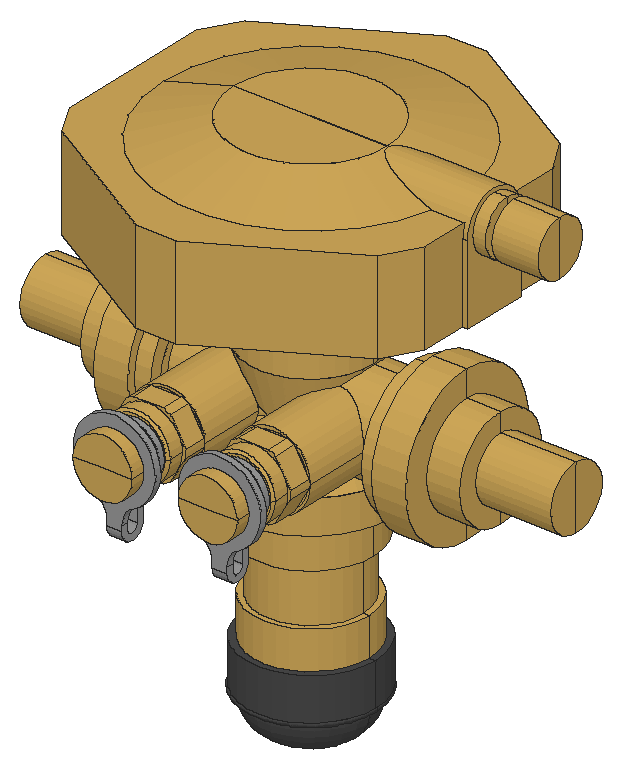
Revit family "Kombiventil 4001", category Rohrzubehör, Revit 2018 (continued)
Definition of nested family "Messstutzen_Band_Eintritt_senkrecht"
  Forms (mm)
    Sweep 6, solid, detail levels fine
      profile origin (0, 12.052, -27.75) x (0, 0, 1) y (1, 0, 0)
        loop
          line (0.75, -1.8) -> (0.75, 1.8) -> (-0.75, 1.8) -> (-0.75, -1.8) -> (0.75, -1.8)
  Cuts and joins
    joined: Extrusion 4, Extrusion 5, Sweep 6
  Dimensions and locks
    aligned and locked: level to plane 2
Definition of nested family "Messstutzen_Band_Austritt_senkrecht"
  Parameters (values of type "Messstutzen_Band_Austritt_senkrecht")
    URL = "www.herz-armaturen.at"
    Schutzkappe [instance] = yes
    Nennweite [instance] = 0.000 mm
    Manufacturer = "Herz Armaturen GmbH"  # constant formula
    Gewicht [instance] = 0.00 kg
    Bestellnummer [instance] = 0
  Reference planes
    plane 1 "Mitte (Vorne/hinten)": y = 0
    plane 2: z = 0
    plane 3 "Mitte (Links/rechts)": x = 0
    plane 4 "Schlaufe 1": z = -27
    plane 5 "Schlaufe 2": z = -31.678
  Forms (mm)
    Revolve 1, solid, detail levels fine
      sketch origin (0, 0, 0) x (1, 0, 0) y (0, 0, 1)
        loop
          line (-7.4, -9) -> (-7.4, -16.5)
          arc (-7.4, -16.5) -> (-7.693, -17.207) -> (-8.4, -17.5) r 1
          line (-8.4, -17.5) -> (-2, -17.5) -> (-2, 0) -> (-5.555, 0) -> (-6.455, -0.9) -> (-6.455, -4.681) -> (-5.843, -5.293)
          arc (-5.843, -5.293) -> (-5.626, -5.617) -> (-5.55, -6) r 1
          line (-5.55, -6) -> (-5.55, -9) -> (-7.4, -9)
        loop
          line (-3.7, -27) -> (-3.7, -30.45) -> (-4.415, -30.863) -> (-4.415, -35.19) -> (-3.805, -35.8) -> (-2, -35.8) -> (-2, -23) -> (-7.9, -23) -> (-7.9, -26.4) -> (-7.3, -27) -> (-3.7, -27)
        axis (0, 0) -> (0, -35.8)
      angle from 0 to 360
    Extrusion 2, solid, detail levels fine
      sketch origin (0, 0, -17.5) x (0, 1, 0) y (1, 0, 0)
        loop
          line (-7.07, -5.156) -> (-0.93, -8.7)
          arc (-0.93, -8.7) -> (0, -8.75) -> (0.93, -8.7) r 8.75
          line (0.93, -8.7) -> (7.07, -5.156)
          arc (7.07, -5.156) -> (7.578, -4.375) -> (8, -3.544) r 8.75
          line (8, -3.544) -> (8, 3.544)
          arc (8, 3.544) -> (7.578, 4.375) -> (7.07, 5.156) r 8.75
          line (7.07, 5.156) -> (0.93, 8.7)
          arc (0.93, 8.7) -> (0, 8.75) -> (-0.93, 8.7) r 8.75
          line (-0.93, 8.7) -> (-7.07, 5.156)
          arc (-7.07, 5.156) -> (-7.578, 4.375) -> (-8, 3.544) r 8.75
          line (-8, 3.544) -> (-8, -3.544)
          arc (-8, -3.544) -> (-7.578, -4.375) -> (-7.07, -5.156) r 8.75
      from 0 to 5.5
    Revolve 3, solid, visible <- "Schutzkappe", detail levels fine
      sketch origin (0, 0, 0) x (1, 0, 0) y (0, 0, 1)
        loop
          line (0, -35.878) -> (-3.805, -35.878) -> (-4.415, -35.268) -> (-4.415, -30.178) -> (-6.9, -30.178) -> (-6.9, -31.678) -> (-6.1, -31.678) -> (-6.1, -33.378) -> (-7, -33.378) -> (-7, -36.678) -> (0, -36.678) -> (0, -35.878)
        axis (0, -30.178) -> (0, -36.678)
      angle from 0 to 360
    Extrusion 4, solid, detail levels fine
      sketch origin (0, 0, -27) x (0, 1, 0) y (-1, 0, 0)
        loop
          circle (0, 0) r 3.7
        loop
          arc (5.505, 3.906) -> (-6.75, 0) -> (5.505, -3.906) r 6.75
          arc (5.505, -3.906) -> (7.288, -2.358) -> (9.582, -1.8) r 5
          line (9.582, -1.8) -> (9.582, 1.8)
          arc (9.582, 1.8) -> (7.288, 2.358) -> (5.505, 3.906) r 5
      from 0 to -1.5
    Extrusion 5, solid, detail levels fine
      sketch origin (0, 0, -31.678) x (0, 1, 0) y (-1, 0, 0)
        loop
          circle (0, 0) r 6.1
        loop
          arc (8.652, 4.495) -> (-9.75, 0) -> (8.652, -4.495) r 9.75
          arc (8.652, -4.495) -> (10.493, -2.527) -> (13.089, -1.8) r 5
          line (13.089, -1.8) -> (13.089, 1.8)
          arc (13.089, 1.8) -> (10.493, 2.527) -> (8.652, 4.495) r 5
      from 0 to -1.5
    Sweep 6, solid, detail levels fine
      path origin (0, 0, 0) x (0, 0, 1) y (0, -1, 0)
        loop
          line (-27.75, -9.582) -> (-27.75, -14.522)
          arc (-27.75, -14.522) -> (-30.089, -16.862) -> (-32.428, -14.522) r 2.339
          line (-32.428, -14.522) -> (-32.428, -13.089)
      profile origin (0, 12.052, -27.75) x (0, 0, 1) y (1, 0, 0)
        loop
          line (0.75, -1.8) -> (0.75, 1.8) -> (-0.75, 1.8) -> (-0.75, -1.8) -> (0.75, -1.8)
  Cuts and joins
    joined: Extrusion 4, Extrusion 5, Sweep 6
  Dimensions and locks
    aligned and locked: level to plane 2
